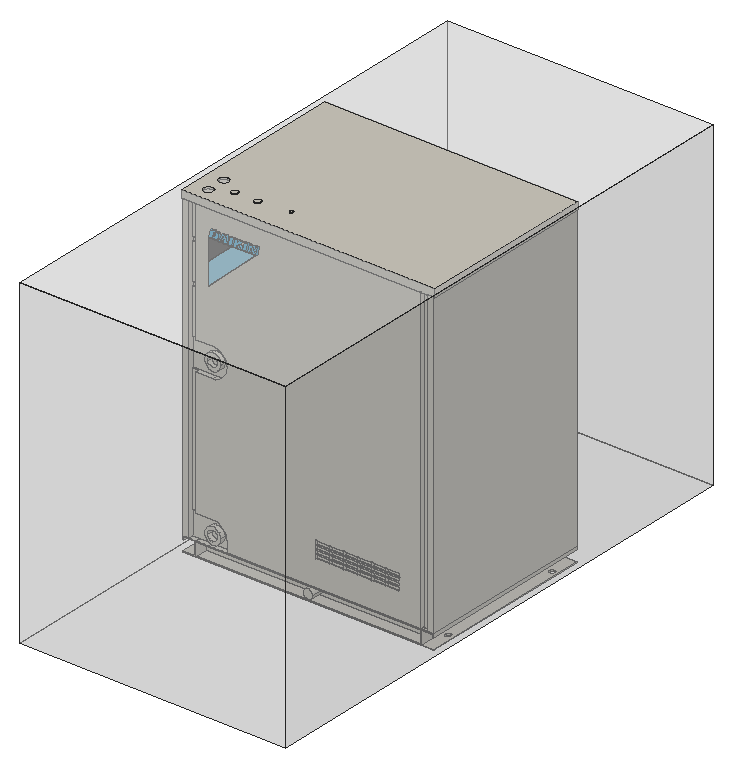
Revit family "outputfile", category 機械設備, Revit 2024 (continued)
Definition of nested family "daikin_logo_elevation_w150"
  Automatic sketch dimensions
    Extrusion 3 sketch curve to plane 4 "top" = 6.682 mm
    Extrusion 3 sketch curve to Extrusion 3 sketch curve = 2.227 mm  (x2)
    Extrusion 3 sketch curve to Extrusion 3 sketch curve = 2.685 mm
    Extrusion 3 sketch curve to plane 4 "top" = 13.365 mm
    Extrusion 3 sketch curve to Extrusion 3 sketch curve = 5.012 mm
    Extrusion 3 sketch curve to Extrusion 3 sketch curve = 12.808 mm
    Extrusion 3 sketch curve to Extrusion 3 sketch curve = 2.784 mm
    Extrusion 3 sketch curve to Extrusion 3 sketch curve = 9.467 mm  (x4)
    Extrusion 3 sketch curve to Extrusion 3 sketch curve = 0.0 mm  (x5)
    Extrusion 3 sketch curve to Extrusion 3 sketch curve = 5.568 mm  (x2)
    Extrusion 3 sketch curve to plane 3 "Center (Left/Right)" = 0.345 mm
    Extrusion 3 sketch curve to plane 3 "Center (Left/Right)" = 1.94 mm
    Extrusion 3 sketch curve to plane 4 "top" = 6.377 mm
    plane 3 "Center (Left/Right)" to Extrusion 3 sketch curve = 5.78 mm
    plane 3 "Center (Left/Right)" to Extrusion 3 sketch curve = 2.996 mm
    Extrusion 3 sketch curve to Extrusion 3 sketch curve = 4.203 mm
    plane 3 "Center (Left/Right)" to Extrusion 3 sketch curve = 11.906 mm
    Extrusion 3 sketch curve to Extrusion 3 sketch curve = 11.694 mm
    plane 3 "Center (Left/Right)" to Extrusion 3 sketch curve = 0.212 mm
    Extrusion 3 sketch curve to plane 3 "Center (Left/Right)" = 4.4 mm
    Extrusion 3 sketch curve to Extrusion 3 sketch curve = 6.053 mm
    Extrusion 3 sketch curve to plane 3 "Center (Left/Right)" = 5.914 mm
    Extrusion 3 sketch curve to Extrusion 3 sketch curve = 10.581 mm
    Extrusion 3 sketch curve to plane 4 "top" = 13.558 mm
    Extrusion 3 sketch curve to Extrusion 3 sketch curve = 4.406 mm
    Extrusion 3 sketch curve to Extrusion 3 sketch curve = 7.796 mm
    Extrusion 3 sketch curve to Extrusion 3 sketch curve = 6.682 mm  (x2)
    Extrusion 3 sketch curve to Extrusion 3 sketch curve = 4.503 mm
    Extrusion 3 sketch curve to Extrusion 3 sketch curve = 8.716 mm
    Extrusion 3 sketch curve to Extrusion 3 sketch curve = 6.634 mm
    Extrusion 3 sketch curve to plane 4 "top" = 9.685 mm
    Extrusion 3 sketch curve to Extrusion 3 sketch curve = 4.261 mm
    Extrusion 3 sketch curve to Extrusion 3 sketch curve = 1.67 mm
    Extrusion 3 sketch curve to Extrusion 3 sketch curve = 8.353 mm
    Extrusion 1 sketch curve to plane 3 "Center (Left/Right)" = 90.0 mm
    Extrusion 2 sketch curve to Extrusion 2 sketch curve = 70.196 mm
    plane 3 "Center (Left/Right)" to Extrusion 1 sketch curve = 54.211 mm
Definition of nested family "daikin_mountinghole"
  Parameters (values of type "daikin_mountinghole")
    Default Elevation = 1219.2 mm
    Type Comments = "mountinghole"
    show [instance] = yes
    material = none
    l_centerline = 100.0 mm
    l_antenna [instance] = 100.0 mm
    h_mountinghole [instance] = 0.0 mm
    d_circle = 30.0 mm
    Link_Nested Family [instance] = ""
  Reference planes
    plane 1 "Center (Front/Back)": y = 0
    plane 2: z = 0
    plane 3 "Center (Left/Right)": x = 0
    plane 4: y = 50
    plane 5: x = -50
    plane 6: x = 50
    plane 7: y = -50
    plane 8 "h_mountinghole": z = 0
    plane 9: z = 100
  Lines and regions (mm)
    model lines, detail levels fine
      curve 1: circle (0, 0, 0) r 15 normal (0, 0, 1)
      curve 2: line (-50, 0, 0) -> (50, 0, 0)
      curve 3: line (0, 50, 0) -> (0, -50, 0)
    symbolic lines, detail levels fine
      curve 4: circle (0, 0, 0) r 15 normal (0, 0, 1)
      curve 5: line (-50, 0, 0) -> (50, 0, 0)
      curve 6: line (0, 50, 0) -> (0, -50, 0)
    model lines
      curve 7: line (0, 0, 100) -> (0, 0, 0)
  Dimensions and locks
    equal spacing: plane 4, plane 1 "Center (Front/Back)", plane 7
    "l_centerline": plane 4 to plane 7
    equal spacing: plane 5, plane 3 "Center (Left/Right)", plane 6
    "l_centerline": plane 5 to plane 6
    "l_antenna": plane 9 to plane 8 "h_mountinghole"
    "h_mountinghole": plane 8 "h_mountinghole" to plane 2
    "d_circle": diameter of curve 1
    "d_circle": diameter of curve 4
    aligned and locked: level to plane 2
    aligned and locked: plane 1 "Center (Front/Back)" to curve 1
    aligned and locked: plane 3 "Center (Left/Right)" to curve 1
    aligned and locked: plane 1 "Center (Front/Back)" to curve 2
    aligned and locked: curve 3 to plane 3 "Center (Left/Right)"
    aligned and locked: plane 6 to curve 2
    aligned and locked: plane 5 to curve 2
    aligned and locked: plane 4 to curve 3
    aligned and locked: plane 7 to curve 3
    aligned and locked: plane 1 "Center (Front/Back)" to curve 4
    aligned and locked: plane 3 "Center (Left/Right)" to curve 4
    aligned and locked: plane 6 to curve 5
    aligned and locked: plane 5 to curve 5
    aligned and locked: plane 1 "Center (Front/Back)" to curve 5
    aligned and locked: plane 4 to curve 6
    aligned and locked: plane 7 to curve 6
    aligned and locked: curve 6 to plane 3 "Center (Left/Right)"
    aligned and locked: curve 7 to plane 3 "Center (Left/Right)"
    aligned and locked: plane 9 to curve 7
    aligned and locked: plane 8 "h_mountinghole" to curve 7
Definition of nested family "daikin_connector_rotate3"
  Parameters (values of type "daikin_connector_rotate3")
    show [instance] = yes
    radius [instance] = 10.0 mm
    length [instance] = 600.0 mm
    angle_horizontal [instance] = 60.00°
    angle_vertical [instance] = 90.00°
    Default Elevation = 0.0 mm
  Reference planes
    plane 1 "Center (Front/Back)": y = 0
    plane 2: z = 0
    plane 3 "Center (Left/Right)": x = 0
  Dimensions and locks
    "angle_horizontal": angle plane 3 "Center (Left/Right)" to nested 1
    aligned and locked: level to plane 2
    aligned and locked: plane 1 "Center (Front/Back)" to nested 1  (x2)
    aligned and locked: plane 3 "Center (Left/Right)" to nested 1
  Nested families
    nested 1: "daikin_connector_rotate2" at (0, 0, 0) x (0.5, 0.866, 0) z (0, 0, 1), angle_vertical <- "angle_vertical", length <- "length", radius <- "radius", type "daikin_connector_rotate2"
      with radius 10.0 mm, length 600.0 mm, angle_vertical 90.00°
  Definition of nested family "daikin_connector_rotate2"
    Parameters (values of type "daikin_connector_rotate2")
      show_face = yes
      radius [instance] = 10.0 mm
      length [instance] = 600.0 mm
      d_surface = 10.0 mm
      angle_vertical [instance] = 90.00°
      Default Elevation = 0.0 mm
    Reference planes
      plane 1 "Center (Front/Back)": y = 0
      plane 2: z = 0
      plane 3 "Center (Left/Right)": x = 0
    Forms (mm)
      Extrusion 1, solid, visible <- "show_face"
        sketch origin (0, -600, 0) x (1, 0, 0) y (0, 0, 1)
          loop
            circle (0, 0) r 10
        from 0 to -10
    Lines and regions (mm)
      reference lines
        curve 1: line (0, 0, 0) -> (0, -600, 0)
      symbolic lines
        curve 2: circle (0, 0, 0) r 5 normal (0, 0, 1)
      model lines, visible <- "show_face"
        curve 3: line (0, 0, 0) -> (0, -600, 0)
    Dimensions and locks
      "length": curve 1 to curve 1
      "length": curve 3 to curve 3
      "d_surface": Extrusion 1 to Extrusion 1
      "radius": radius of Extrusion 1 sketch curve
      "angle_vertical": angle curve 1 to plane 1 "Center (Front/Back)"
      "angle_vertical": angle curve 3 to plane 1 "Center (Front/Back)"
      aligned and locked: level to plane 2
      aligned and locked: plane 1 "Center (Front/Back)" to curve 1
      aligned and locked: plane 2 to curve 1
      aligned and locked: plane 1 "Center (Front/Back)" to curve 2
      aligned and locked: plane 3 "Center (Left/Right)" to curve 2
      aligned and locked: plane 1 "Center (Front/Back)" to curve 3
      aligned and locked: plane 2 to curve 3
      aligned and locked: Extrusion 1 to Extrusion 1
    Automatic sketch dimensions
      Extrusion 1 sketch curve to level = 0.0 mm
      Extrusion 1 sketch curve to plane 3 "Center (Left/Right)" = 0.0 mm
      radius of curve 2 = 5.0 mm
